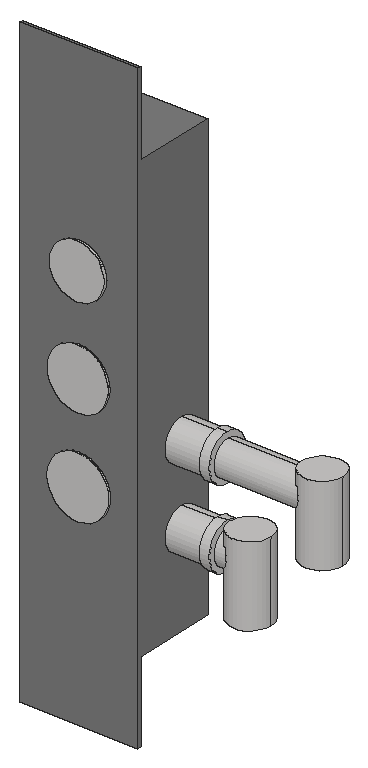
Revit family "5600", category Generic Models, Revit 2021
Family settings
  Can host rebar = No
  Round Connector Dimension = Use Diameter
  Part Type = Normal
  Work Plane-Based = No
  Always vertical = Yes
  Cut with Voids When Loaded = No
  Shared = No
  Room Calculation Point = No
Parameters
  e-mail = "info@vola.com"
  URL = "http://vola.com"
  Telephone = "+45 7023 5500"
  Quality management standard = "ISO 9001"
  Organisation no. / DUNS no. = "17531328"
  Occupational health and safety management standard = "ISO 18001"
  Mounting Instructions = "http://vola.com/service/producturl.ashx?name=5600"
  Model = "5600"
  Materials and components information = "http://vola.com/service/producturl.ashx?name=5600"
  Manufacturer = "VOLA A/S"
  Maintenance Instructions = "http://vola.com/service/producturl.ashx?name=5600"
  Guarantee = "2 years"
  Flow = "43,00 l/min"
  Environmental management standard = "ISO 14000"
  Default Elevation = 0.00 mm
  Connection - All relevant connections = ""
  Approvals = "http://vola.com/service/producturl.ashx?name=5600"
Reference planes
  plane 1 "Center (Front/Back)": y = 0
  plane 2: z = 0
  plane 3 "Center (Left/Right)": x = 0
  plane 4 "Front Plane": y = -72.5
  plane 5 "Inlet Center Plane": y = -25
  plane 6: x = 26.42
Forms (mm)
  Extrusion 1, solid, material "Stainless Steel"
    sketch origin (95.42, 0, 135.75) x (0, 0, 1) y (-1, 0, 0)
      loop
        circle (39, 69) r 22
    from 70.5 to 72.5
  Extrusion 2, solid, material "Default"
    sketch origin (95.42, 0, 39) x (0, 0, 1) y (0, 1, 0)
      loop
        line (-127.5, 0) -> (-127.5, -68) -> (230.5, -68) -> (230.5, 0) -> (-127.5, 0)
    from 21.5 to 116.5
  Extrusion 3, solid, material "Default"
    sketch origin (95.42, 0, 39) x (0, 0, 1) y (0, 1, 0)
      loop
        line (-192.5, -68) -> (-192.5, -70.5) -> (298, -70.5) -> (298, -68) -> (-192.5, -68)
    from 21.5 to 116.5
  Extrusion 4, solid, material "Stainless Steel"
    sketch origin (95.42, 0, 57.75) x (0, 0, 1) y (-1, 0, 0)
      loop
        circle (39, 69) r 24.595
    from 70.5 to 71.475
  Extrusion 5, solid, material "Stainless Steel"
    sketch origin (95.42, 0, -20.25) x (0, 0, 1) y (-1, 0, 0)
      loop
        circle (39, 69) r 24.875
    from 70.5 to 71.475
  Extrusion 6, solid, material "Stainless Steel"
    sketch origin (73.92, -2.5, 62.75) x (0, 0, -1) y (0, 1, 0)
      loop
        circle (12, -25) r 16.5
    from 0 to 29.77
  Extrusion 7, solid, material "Stainless Steel"
    sketch origin (73.92, -2.5, -1.25) x (0, 0, -1) y (0, 1, 0)
      loop
        circle (12, -25) r 16.5
    from 0 to 29.77
  Extrusion 8, solid, material "Stainless Steel"
    sketch origin (103.69, -2.5, 62.75) x (0, 0, -1) y (0, 1, 0)
      loop
        circle (12, -25) r 18.5
    from 0 to 7.73
  Extrusion 9, solid, material "Stainless Steel"
    sketch origin (103.69, -2.5, -1.25) x (0, 0, -1) y (0, 1, 0)
      loop
        circle (12, -25) r 18.5
    from 0 to 7.73
  Extrusion 10, solid, material "Stainless Steel"
    sketch origin (111.42, -2.5, 62.75) x (0, 0, -1) y (0, 1, 0)
      loop
        circle (12, -25) r 14
    from 0 to 76.5
  Extrusion 11, solid, material "Stainless Steel"
    sketch origin (111.42, -2.5, -1.25) x (0, 0, -1) y (0, 1, 0)
      loop
        circle (12, -25) r 14
    from 0 to 18.5
  Extrusion 12, solid, material "Stainless Steel"
    sketch origin (4.5, 0, 64) x (1, 0, 0) y (0, 1, 0)
      loop
        circle (125.42, -27.5) r 16.5
    from -122.75 to -58.75
  Extrusion 13, solid, material "Stainless Steel"
    sketch origin (62.5, 0, 123.5) x (1, 0, 0) y (0, 1, 0)
      loop
        circle (125.42, -27.5) r 16.5
    from -118.25 to -54.25
Cuts and joins
  joined: Extrusion 2, Extrusion 3
  joined: Extrusion 10, Extrusion 13
  joined: Extrusion 11, Extrusion 12
Lines and regions (mm)
  reference lines
    curve 1: line (26.42, -25, 18.75) -> (26.42, -122.5, 18.75)
    curve 2: line (26.42, -25, 96.75) -> (26.42, -122.5, 96.75)
    curve 3: line (26.42, -25, 174.75) -> (26.42, -122.5, 174.75)
    curve 4: line (26.42, -36, 174.75) -> (125.42, -36, 174.75)
    curve 5: line (26.42, -27.5, 50.75) -> (125.42, -27.5, 50.75)
    curve 6: line (26.42, -27.5, -13.25) -> (125.42, -27.5, -13.25)
    curve 7: line (129.92, -27.5, 5.25) -> (129.92, -27.5, -104.75)
    curve 8: line (187.92, -27.5, 69.25) -> (187.92, -27.5, -40.75)
    curve 9: line (26.42, -36, 174.75) -> (-72.58, -36, 174.75)
Dimensions and locks
  aligned and locked: plane 2 to level
  aligned and locked: Extrusion 2 to Extrusion 3
  aligned and locked: Extrusion 3 to Extrusion 2
